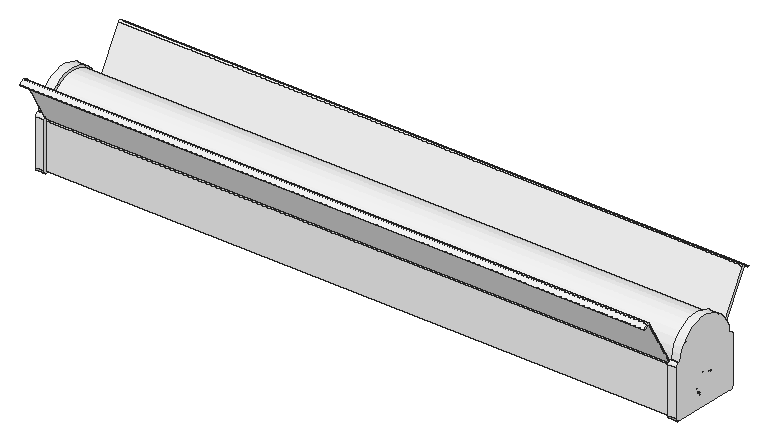
Revit family "0045170+0045231 Feilo Sylvania Lighting Fixture SYLBATTEN LED1 NW TP3 with SYMMETRIC REFLECTOR ACCESSORY 600MM", category Lighting Fixtures, host Face, Revit 2017
Family settings
  Host = Face
  Round Connector Dimension = Use Diameter
  Part Type = Normal
  OmniClass Number = 23.80.70.00
  OmniClass Title = Lighting
  Cut with Voids When Loaded = No
  Light Source = Yes
  Shared = No
  Room Calculation Point = No
Parameters (values of type "0045170 SYLBATTEN LED1 NW TP3")
  Width_FEILO = 66 mm
  Weight = "1.244 kg"
  Wattage Comments = "n/a"
  Wattage = 11 W
  WarrantyStartDate [instance] = "n/a"
  WarrantyGuarantorParts = "n/a"
  WarrantyDurationUnit = "n/a"
  WarrantyDurationParts = "n/a"
  WarrantyDescription = "n/a"
  built-in parameter 1150110 = 1 (stored number, unit not read)
  Voltage = 230 V
  URL = "http://www.sylvania-lighting.com"
  TypeName = "SYLBATTEN LED1 NW TP3"
  Type Image = <None>
  Type Comments = "n/a"
  built-in parameter 1114217 = 1 (stored number, unit not read)
  Tilt Angle = -90.00°
  built-in parameter 1150109 = 1 (stored number, unit not read)
  built-in parameter 1150134 = 12
  SymReflector_FEILO = yes
  built-in parameter 1150113 = 1 (stored number, unit not read)
  SerialNumber [instance] = "n/a"
  PowerFactor = 0
  PowerConsumption = "11 W"
  Photometric Web File = "0045170+0045231.ies"
  NominalLength = 605 mm
  NominalHeight = 91 mm
  NominalDepth = 122 mm
  Name = "SYLBATTEN LED1 NW TP3"
  ModelReference = Name  # "SYLBATTEN LED1 NW TP3"
  ModelNumber = "0045170"
  Model = Name  # "SYLBATTEN LED1 NW TP3"
  Material_4_FEILO = Reflector-Sylvania-Sylbatten-White
  Material_3_FEILO = Diffuser-Sylvania-Sylbatten-Glow
  Material_2_FEILO = Body-Sylvania-Sylbatten-White
  Material_1_FEILO = Body-Sylvania-Sylbatten-White
  Material = "sheet steel housing, polycarbonate diffuser"
  ManufacturerName = "Feilo Sylvania"
  Manufacturer = "Feilo Sylvania"
  LuminousEfficacy = "105.2 lm/W"
  built-in parameter 1150105 = 92.148 (stored number, unit not read)
  Lumens = 1157.97 lm
  LuminaireType = ""
  built-in parameter 1150115 = 1 (stored number, unit not read)
  LightOutputRatio = "100"
  built-in parameter 1150137 = (empty or 0)
  built-in parameter 1150139 = (empty or 0)
  Length_FEILO = 605 mm
  LampsType = Lamp  # "LED"
  LampNominalLuminous = "1158 lm"
  LampMacAdamStep = "n/a"
  LampColourTemperature = "4000 K"
  LampColourRenderingIndex = "80"
  built-in parameter 1150112 = 1 (stored number, unit not read)
  built-in parameter 1150114 = 1 (stored number, unit not read)
  Lamp = "LED"
  Keynote = "16500"
  InstallationDate [instance] = "n/a"
  InputVoltage = "220-240V~"
  InputNominalFrequency = "n/a"
  built-in parameter 1150132 = (empty or 0)
  built-in parameter 1150102 = (empty or 0)
  built-in parameter 1150107 = 4000 (stored number, unit not read)
  built-in parameter 1150138 = (empty or 0)
  IngressProtection = "IP20"
  ImpactProtectionIndex = "IK07"
  built-in parameter 1150106 = 0.92148 (stored number, unit not read)
  IfcExportType = "IfcLightFixtureType"
  IfcExportAs = "IfcLightFixtureType"
  Height_FEILO = 76 mm
  ExpectedLife = 50000
  Emit from Rectangle Width = Length_FEILO - 16 mm  # 589 mm
  Emit from Rectangle Length = Width_FEILO - 40 mm  # 26 mm
  Emit Shape Visible in Rendering = no
  ElectricShockClassification = "Class I"
  built-in parameter 1150104 = 9.7799 (stored number, unit not read)
  DurationUnit = "hours"
  DocumentationLiterature = "http://www.sylvania-lighting.com/product/en-int/products/0045170"
  DimmingControlOptions = "n/a"
  Dimming Lamp Color Temperature Shift = <None>
  Description = "LED batten, T8 replacement, ease of installation through 2 part push-in design of the housing (safety cable included), through wiring capability (TP3 = 3 core), sheet steel, 1158LM, 11W, 105lm/W, 4000K, drive current: 350mA, CRI 80, 138° wide beam angle, electronic driver (non dimmable), IP20, IK07, 50,000 hrs (L70), (LxWxH) 605x66x76mm, 5 step MacAdam ellipse, 1.8kg, white RAL9016, Class 1, 220-240V, energy class: A++, A+, A."
  Default Elevation = 1219.2 mm
  CreatedOn = "1/25/2018"
  CreatedBy = ""
  Cost = 0
  Color Filter = 16777215
  built-in parameter 1114216 [instance] = (empty or 0)
  ClassificationValue = "EF_70_80"
  ClassificationName = "Uniclass2015"
  CapOffset_FEILO = 2 mm
  BarCode [instance] = "n/a"
  built-in parameter 1114218 = 1 (stored number, unit not read)
  BackReflector_FEILO = and(not(AsymReflector_FEILO), SymReflector_FEILO)  # yes
  built-in parameter 1150133 = 10 (stored number, unit not read)
  FrontReflector_FEILO = or(AsymReflector_FEILO, SymReflector_FEILO)  # yes
  AsymReflector_FEILO = no
  AssetType = "Fixed"
  AssetIdentifier [instance] = "n/a"
  Assembly Code = "D5020200"
  Apparent Load = 11 VA
Reference planes
  plane 1 "Center (Front/Back)": y = 0
  plane 2: z = 0
  plane 3 "Center (Left/Right)": x = 0
  plane 4: x = 302.5
  plane 5: x = -302.5
  plane 6: y = 33
  plane 7: y = -33
  plane 8: z = 76
  plane 9: z = 47
  plane 10: y = -29
  plane 11: y = 29
  plane 12: z = 20
  plane 13: z = 74
  plane 14: y = -31
  plane 15: y = -27
  plane 16: y = 27
  plane 17: y = 31
  plane 18: z = 2
  plane 19: x = -294.5
  plane 20: x = 294.5
  plane 21: z = 49
  plane 22: y = 1
  plane 23: y = -1
  plane 24: z = 21
  plane 25: z = 19
  plane 26: y = -61
  plane 27: y = 61
  plane 28: y = -56
  plane 29: y = 56
  plane 30: z = 91
  plane 31: z = 88
Forms (mm)
  Extrusion 1, solid, material "Body-Sylvania-Sylbatten-White" <- "Material_2_FEILO"
    sketch origin (0, 0, 0) x (0, 1, 0) y (0, 0, 1)
      loop
        line (-31, 2) -> (31, 2) -> (31, 45)
        arc (31, 45) -> (30.414, 46.414) -> (29, 47) r 2
        line (29, 47) -> (27, 47)
        arc (27, 47) -> (0, 74) -> (-27, 47) r 27
        line (-27, 47) -> (-29, 47)
        arc (-29, 47) -> (-30.414, 46.414) -> (-31, 45) r 2
        line (-31, 45) -> (-31, 2)
    from -294.5 to 294.5
  Extrusion 2, solid, material "Body-Sylvania-Sylbatten-White" <- "Material_2_FEILO"
    sketch origin (302.5, 1524, 1219.2) x (0, 1, 0) y (0, 0, 1)
      loop
        arc (-1494, -1219.2) -> (-1491.879, -1218.321) -> (-1491, -1216.2) r 3
        line (-1491, -1216.2) -> (-1491, -1173.2)
        arc (-1491, -1173.2) -> (-1491.879, -1171.079) -> (-1494, -1170.2) r 3
        line (-1494, -1170.2) -> (-1495.069, -1170.2)
        arc (-1495.069, -1170.2) -> (-1524, -1143.2) -> (-1552.931, -1170.2) r 29
        line (-1552.931, -1170.2) -> (-1554, -1170.2)
        arc (-1554, -1170.2) -> (-1556.121, -1171.079) -> (-1557, -1173.2) r 3
        line (-1557, -1173.2) -> (-1557, -1216.2)
        arc (-1557, -1216.2) -> (-1556.121, -1218.321) -> (-1554, -1219.2) r 3
        line (-1554, -1219.2) -> (-1494, -1219.2)
      loop
        arc (-1525, -1189.25) -> (-1531.071, -1192.129) -> (-1533.95, -1198.2) r 10
        line (-1533.95, -1198.2) -> (-1532.944, -1198.2)
        arc (-1532.944, -1198.2) -> (-1530.364, -1192.836) -> (-1525, -1190.256) r 9
        line (-1525, -1190.256) -> (-1525, -1189.25)
      loop
        arc (-1523, -1190.256) -> (-1517.636, -1192.836) -> (-1515.056, -1198.2) r 9
        line (-1515.056, -1198.2) -> (-1514.05, -1198.2)
        arc (-1514.05, -1198.2) -> (-1516.929, -1192.129) -> (-1523, -1189.25) r 10
        line (-1523, -1189.25) -> (-1523, -1190.256)
      loop
        line (-1532.944, -1200.2) -> (-1533.95, -1200.2)
        arc (-1533.95, -1200.2) -> (-1531.071, -1206.271) -> (-1525, -1209.15) r 10
        line (-1525, -1209.15) -> (-1525, -1208.144)
        arc (-1525, -1208.144) -> (-1530.364, -1205.564) -> (-1532.944, -1200.2) r 9
      loop
        arc (-1515.056, -1200.2) -> (-1517.636, -1205.564) -> (-1523, -1208.144) r 9
        line (-1523, -1208.144) -> (-1523, -1209.15)
        arc (-1523, -1209.15) -> (-1516.929, -1206.271) -> (-1514.05, -1200.2) r 10
        line (-1514.05, -1200.2) -> (-1515.056, -1200.2)
    from 0 to -8
  Extrusion 3, solid, material "Body-Sylvania-Sylbatten-White" <- "Material_2_FEILO"
    sketch origin (-302.5, 1524, 1219.2) x (0, 1, 0) y (0, 0, 1)
      loop
        arc (-1495.069, -1170.2) -> (-1524, -1143.2) -> (-1552.931, -1170.2) r 29
        line (-1552.931, -1170.2) -> (-1554, -1170.2)
        arc (-1554, -1170.2) -> (-1556.121, -1171.079) -> (-1557, -1173.2) r 3
        line (-1557, -1173.2) -> (-1557, -1216.2)
        arc (-1557, -1216.2) -> (-1556.121, -1218.321) -> (-1554, -1219.2) r 3
        line (-1554, -1219.2) -> (-1494, -1219.2)
        arc (-1494, -1219.2) -> (-1491.879, -1218.321) -> (-1491, -1216.2) r 3
        line (-1491, -1216.2) -> (-1491, -1173.2)
        arc (-1491, -1173.2) -> (-1491.879, -1171.079) -> (-1494, -1170.2) r 3
        line (-1494, -1170.2) -> (-1495.069, -1170.2)
      loop
        line (-1533.95, -1198.2) -> (-1532.944, -1198.2)
        arc (-1532.944, -1198.2) -> (-1530.364, -1192.836) -> (-1525, -1190.256) r 9
        line (-1525, -1190.256) -> (-1525, -1189.25)
        arc (-1525, -1189.25) -> (-1531.071, -1192.129) -> (-1533.95, -1198.2) r 10
      loop
        line (-1523, -1189.25) -> (-1523, -1190.256)
        arc (-1523, -1190.256) -> (-1517.636, -1192.836) -> (-1515.056, -1198.2) r 9
        line (-1515.056, -1198.2) -> (-1514.05, -1198.2)
        arc (-1514.05, -1198.2) -> (-1516.929, -1192.129) -> (-1523, -1189.25) r 10
      loop
        line (-1514.05, -1200.2) -> (-1515.056, -1200.2)
        arc (-1515.056, -1200.2) -> (-1517.636, -1205.564) -> (-1523, -1208.144) r 9
        line (-1523, -1208.144) -> (-1523, -1209.15)
        arc (-1523, -1209.15) -> (-1516.929, -1206.271) -> (-1514.05, -1200.2) r 10
      loop
        line (-1525, -1209.15) -> (-1525, -1208.144)
        arc (-1525, -1208.144) -> (-1530.364, -1205.564) -> (-1532.944, -1200.2) r 9
        line (-1532.944, -1200.2) -> (-1533.95, -1200.2)
        arc (-1533.95, -1200.2) -> (-1531.071, -1206.271) -> (-1525, -1209.15) r 10
    from 0 to 8
  Extrusion 4, solid, material "Reflector-Sylvania-Sylbatten-White" <- "Material_4_FEILO", visible <- "FrontReflector_FEILO"
    sketch origin (0, 0, 0) x (0, 1, 0) y (0, 0, 1)
      loop
        line (-61.257, 88.429) -> (-60.743, 87.571) -> (-56.621, 90.044)
        arc (-56.621, 90.044) -> (-56.237, 90.099) -> (-55.929, 89.863) r 0.5
        line (-55.929, 89.863) -> (-31.435, 46.753) -> (-30.565, 47.247) -> (-55.312, 90.802)
        arc (-55.312, 90.802) -> (-55.928, 91.275) -> (-56.696, 91.165) r 1
        line (-56.696, 91.165) -> (-61.257, 88.429)
    from -294.5 to 294.5
  Extrusion 5, solid, material "Reflector-Sylvania-Sylbatten-White" <- "Material_4_FEILO", visible <- "BackReflector_FEILO"
    sketch origin (0, 0, 0) x (0, 1, 0) y (0, 0, 1)
      loop
        line (30.565, 47.247) -> (31.435, 46.753) -> (55.932, 89.868)
        arc (55.932, 89.868) -> (56.245, 90.112) -> (56.638, 90.062) r 0.518
        line (56.638, 90.062) -> (61.033, 87.565) -> (61.527, 88.435) -> (56.682, 91.188)
        arc (56.682, 91.188) -> (55.922, 91.282) -> (55.318, 90.812) r 1
        line (55.318, 90.812) -> (30.565, 47.247)
    from -294.5 to 294.5
Lines and regions (mm)
  reference lines
    curve 1: line (0, -61, 88) -> (0, -56, 91)
    curve 2: line (0, -56, 91) -> (0, -31, 47)
    curve 3: line (0, 31, 47) -> (0, 56, 91)
    curve 4: line (0, 56, 91) -> (0, 61.28, 88)
Dimensions and locks
  equal spacing: plane 5, plane 3 "Center (Left/Right)", plane 4
  equal spacing: plane 7, plane 1 "Center (Front/Back)", plane 6
  "Width_FEILO": plane 7 to plane 6
  "Length_FEILO": plane 5 to plane 4
  "Height_FEILO": plane 8 to plane 2
  locked: plane 9 to plane 8 at 29
  equal spacing: plane 10, plane 1 "Center (Front/Back)", plane 11
  locked: plane 7 to plane 10 at 4
  locked: plane 12 to plane 2 at 20
  "CapOffset_FEILO": plane 13 to plane 8
  "CapOffset_FEILO": plane 7 to plane 14
  "CapOffset_FEILO": plane 10 to plane 15
  "CapOffset_FEILO": plane 17 to plane 6
  "CapOffset_FEILO": plane 16 to plane 11
  "CapOffset_FEILO": plane 18 to plane 2
  locked: plane 14 to Extrusion 1 sketch curve at 2
  locked: Extrusion 1 sketch curve to plane 9 at 2  (x2)
  locked: plane 16 to Extrusion 1 sketch curve at 2
  equal spacing: plane 19, plane 3 "Center (Left/Right)", plane 20
  locked: plane 5 to plane 19 at 8
  "CapOffset_FEILO": plane 9 to plane 21
  locked: Extrusion 2 sketch curve to plane 2 at 47
  locked: Extrusion 1 sketch curve to plane 2 at 47
  locked: Extrusion 2 sketch curve to plane 2 at 3  (x2)
  locked: plane 7 to Extrusion 2 sketch curve at 3  (x2)
  locked: Extrusion 2 sketch curve to plane 6 at 3  (x2)
  locked: Extrusion 2 sketch curve to plane 21 at 3  (x2)
  equal spacing: plane 23, plane 1 "Center (Front/Back)", plane 22
  equal spacing: plane 25, plane 12, plane 24
  plane 30 to plane 31 to plane 2 = 3 mm locked, 88 mm locked
  plane 28 to plane 29 = 112 mm
  plane 26 to plane 27 = 122 mm
  aligned and locked: plane 2 to host face
  aligned and locked: level to host face
  aligned and locked: plane 18 to Extrusion 1 sketch curve
  aligned and locked: plane 14 to Extrusion 1 sketch curve
  aligned and locked: Extrusion 1 sketch curve to plane 9  (x2)
  aligned and locked: Extrusion 1 sketch curve to plane 17
  aligned and locked: plane 15 to Extrusion 1 sketch curve
  aligned and locked: plane 16 to Extrusion 1 sketch curve
  aligned and locked: plane 9 to Extrusion 1 sketch curve
  aligned and locked: plane 20 to Extrusion 1
  aligned and locked: level to Extrusion 2 sketch curve
  aligned and locked: Extrusion 2 sketch curve to plane 7
  aligned and locked: plane 21 to Extrusion 2 sketch curve
  aligned and locked: Extrusion 2 sketch curve to plane 21
  aligned and locked: plane 1 "Center (Front/Back)" to Extrusion 2 sketch curve  (x3)
  aligned and locked: Extrusion 2 to Extrusion 1
  aligned and locked: plane 4 to Extrusion 2
  aligned and locked: plane 12 to Extrusion 2 sketch curve  (x2)
  aligned and locked: Extrusion 2 sketch curve to plane 22
  aligned and locked: Extrusion 2 sketch curve to plane 23
  aligned and locked: Extrusion 2 sketch curve to plane 24
  aligned and locked: Extrusion 2 sketch curve to plane 25
  aligned and locked: plane 25 to Extrusion 2 sketch curve
  aligned and locked: plane 22 to Extrusion 2 sketch curve
  aligned and locked: plane 24 to Extrusion 2 sketch curve
  aligned and locked: plane 23 to Extrusion 2 sketch curve  (x2)
  aligned and locked: Extrusion 3 sketch curve to Extrusion 2  (x22)
  aligned and locked: Extrusion 3 to Extrusion 1
  aligned and locked: Extrusion 3 to plane 5
  aligned and locked: plane 19 to Extrusion 3
  aligned and locked: plane 31 to curve 1
  aligned and locked: plane 30 to curve 1
  aligned and locked: plane 14 to curve 2
  aligned and locked: plane 9 to curve 2
  aligned and locked: plane 17 to curve 3
  aligned and locked: plane 30 to curve 3
  aligned and locked: plane 31 to curve 4
  aligned and locked: Extrusion 4 sketch curve to curve 2
  aligned and locked: Extrusion 4 sketch curve to curve 1
  aligned and locked: Extrusion 4 to Extrusion 1
  aligned and locked: Extrusion 1 to Extrusion 4
  aligned and locked: imposter light to plane 1 "Center (Front/Back)"
  aligned and locked: imposter light to plane 3 "Center (Left/Right)"
  aligned and locked: imposter light to plane 13
  aligned and locked: Extrusion 5 sketch curve to curve 4
  aligned and locked: Extrusion 5 sketch curve to curve 3
  aligned and locked: Extrusion 1 to Extrusion 5
  aligned and locked: Extrusion 5 to Extrusion 1
Automatic sketch dimensions
  host sketch curve to host sketch curve = 2438.4 mm  (x2)
  Extrusion 2 sketch curve to Extrusion 2 sketch curve = 0 mm  (x14)
  Extrusion 2 sketch curve to plane 10 = 0.069 mm
  plane 23 to Extrusion 2 sketch curve = 8.95 mm
  Extrusion 2 sketch curve to Extrusion 2 sketch curve = 1.006 mm  (x4)
  Extrusion 2 sketch curve to plane 22 = 7.944 mm
  curve 1 to plane 26 = 0 mm
  curve 2 to plane 28 = 0 mm
  curve 4 to plane 29 = 0 mm
  plane 9 to curve 3 = 0 mm
  plane 26 to Extrusion 4 sketch curve = 0.257 mm
  Extrusion 4 sketch curve to plane 26 = 0.257 mm
  Extrusion 4 sketch curve to plane 30 = 0.165 mm
  plane 28 to Extrusion 4 sketch curve = 0.696 mm
  plane 28 to Extrusion 4 sketch curve = 0.621 mm
  plane 28 to Extrusion 4 sketch curve = 0.364 mm
  plane 28 to Extrusion 4 sketch curve = 0.182 mm
  Extrusion 4 sketch curve to plane 28 = 0.071 mm
  plane 30 to Extrusion 4 sketch curve = 0.198 mm
  Extrusion 4 sketch curve to plane 28 = 0.688 mm
  plane 9 to Extrusion 4 sketch curve = 0.247 mm
  plane 1 "Center (Front/Back)" to Extrusion 4 sketch curve = 31.435 mm
  Extrusion 5 sketch curve to plane 9 = 0.247 mm
  Extrusion 5 sketch curve to plane 1 "Center (Front/Back)" = 30.565 mm
  plane 9 to Extrusion 5 sketch curve = 0.247 mm
  plane 30 to Extrusion 5 sketch curve = 0.188 mm
  plane 29 to Extrusion 5 sketch curve = 0.068 mm
  Extrusion 5 sketch curve to plane 29 = 0.188 mm
  Extrusion 5 sketch curve to plane 29 = 0.382 mm
  Extrusion 5 sketch curve to Extrusion 5 sketch curve = 0.256 mm
  Extrusion 5 sketch curve to plane 30 = 0.188 mm
  Extrusion 5 sketch curve to plane 29 = 0.682 mm
  Extrusion 5 sketch curve to plane 27 = 0.033 mm
  Extrusion 5 sketch curve to plane 27 = 0.527 mm
Connectors
  electrical at (0, 0, 0), driven by "Apparent Load", driven by "PowerFactor", driven by "Voltage"
    settings: index 1, voltage 230 V, apparent load 11 VA, apparent load phase1 0 VA, apparent load phase2 0 VA, apparent load phase3 0 VA, power factor 0, load classification "Lighting", number of poles 1, system type 30, power factor state 1, is connector primary yes, connector utility no, sub classification motor no, connector description ""
